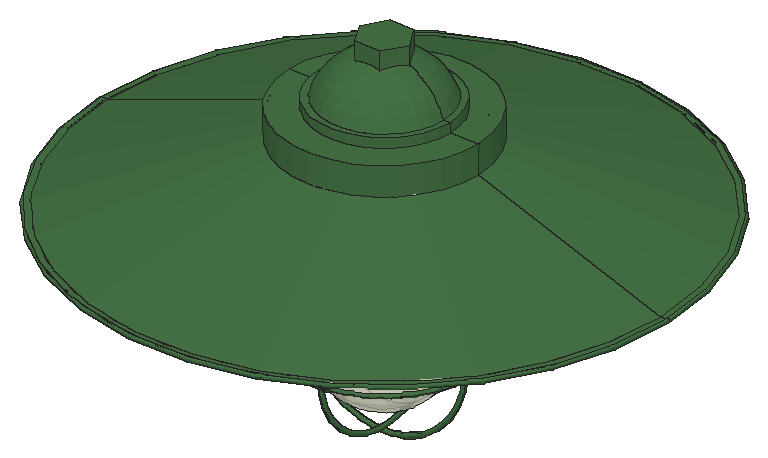
Revit family "SL18", category Lighting Fixtures, Revit 2024
Family settings
  Round Connector Dimension = Use Diameter
  Part Type = Normal
  OmniClass Number = 23.80.70.00
  OmniClass Title = Lighting
  Work Plane-Based = No
  Always vertical = Yes
  Cut with Voids When Loaded = No
  Light Source = No
  Maintain Annotation Orientation = No
  Shared = No
  Room Calculation Point = No
Parameters
  Default Elevation = 0' - 0"
Reference planes (in)
  plane 1 "Light Source Axis (F/B)": y = 0
  plane 2: z = 0
  plane 3 "Light Source Axis (L/R)": x = 0
  plane 4 "Light Source Elevation": z = 54
Forms (in)
  Extrusion 1, solid, material "40"
    sketch origin (6.84003, -9.35, 55.6225) x (0, 1, 0) y (-1, 0, 0)
      loop
        line (9.36163, 6.05272) -> (10.04346, 6.44638) -> (10.04346, 7.23369) -> (9.36163, 7.62734) -> (8.6798, 7.23369) -> (8.6798, 6.44638) -> (9.36163, 6.05272)
    from 8.87938 to 9.6275
  Revolve 2, solid, material "40"
    sketch origin (-63.02394, 0, 12.52912) x (1, 0, 0) y (0, 0, 1)
      loop
        arc (62.68529, 52.31542) -> (61.73365, 51.86953) -> (61.14178, 51.00113) r 1.99024
        line (61.14178, 51.00113) -> (60.93265, 51.00113) -> (60.93265, 50.59588) -> (60.40852, 50.59588) -> (60.40852, 50.47088) -> (60.54352, 50.47088) -> (60.54352, 50.03338) -> (60.63727, 50.03338) -> (60.63727, 50.50213) -> (61.0264, 50.50213) -> (61.0264, 50.90738) -> (61.20992, 50.90738)
        arc (61.20992, 50.90738) -> (61.7693, 51.77637) -> (62.70124, 52.22304) r 1.89649
        line (62.70124, 52.22304) -> (62.68529, 52.31542)
      loop
        circle (60.34104, 49.28051) r 0.0675
      loop
        circle (60.34105, 47.52051) r 0.0675
      loop
        circle (60.34105, 45.76051) r 0.0675
      loop
        circle (60.34106, 44.00051) r 0.0675
      axis (63.02394, 52.31542) -> (63.02394, 44.00051)
    angle from 0 to 360
  Extrusion 3, void
    sketch origin (-63.02394, 0, 12.52912) x (1, 0, 0) y (0, 0, 1)
      loop
        line (61.44529, 49.53791) -> (61.4453, 43.79009) -> (61.75773, 43.78784) -> (61.75772, 49.53566) -> (61.44529, 49.53791)
    from 0 to 12
  Sweep 4, solid, material "40"
    path origin (-63.02394, 0, 12.52912) x (1, 0, 0) y (0, 0, 1)
      loop
        line (65.63936, 50.40838) -> (65.63936, 44.0769)
        arc (65.63936, 44.0769) -> (63.01926, 41.47088) -> (60.40852, 44.0863) r 2.61542
        line (60.40852, 44.0863) -> (60.40852, 50.40838)
    profile origin (-2.61542, 0, 59.77646) x (-1, 0, 0) y (0, -1, 0)
      loop
        circle (-0.0675, 0) r 0.0675
  Sweep 5, solid, material "40"
    path origin (0, 63.02394, 12.6646) x (0, -1, 0) y (0, 0, 1)
      loop
        line (65.63936, 50.26174) -> (65.63936, 44.0769)
        arc (65.63936, 44.0769) -> (63.01926, 41.47088) -> (60.40852, 44.0863) r 2.61542
        line (60.40852, 44.0863) -> (60.40852, 50.25435)
    profile origin (0, 2.61542, 59.83493) x (0, 1, 0) y (-1, 0, 0)
      loop
        circle (-0.0675, 0) r 0.0675
  Revolve 6, solid, material "VAPOR GLASS"
    sketch origin (-63.02394, 0, 12.52912) x (1, 0, 0) y (0, 0, 1)
      loop
        line (65.02394, 50.39621) -> (64.93019, 50.39621) -> (64.93019, 44.30838)
        arc (64.93019, 44.30838) -> (64.37186, 42.96045) -> (63.02394, 42.40213) r 1.90625
        line (63.02394, 42.40213) -> (63.02394, 42.30838)
        arc (63.02394, 42.30838) -> (64.43816, 42.89416) -> (65.02394, 44.30838) r 2
        line (65.02394, 44.30838) -> (65.02394, 50.39621)
      axis (63.02394, 50.39621) -> (63.02394, 42.30838)
    angle from 0 to 360
  Revolve 7, solid, material "40"
    sketch origin (0, 0, 0) x (1, 0, 0) y (0, 0, 1)
      loop
        line (0, 63.25) -> (0, 63.15625) -> (2.90663, 63.15625) -> (2.90663, 62.30832) -> (8.74175, 60.28125) -> (8.88336, 60.28125)
        arc (8.88336, 60.28125) -> (8.99161, 60.28125) -> (8.93748, 60.375) r 0.0625
        line (8.93748, 60.375) -> (8.75757, 60.375) -> (3.00038, 62.375) -> (3.00038, 63.25) -> (0, 63.25)
      axis (0, 63.25) -> (0, 60.28125)
    angle from 0 to 360
Cuts and joins
  Extrusion 3 cuts Revolve 2
Dimensions and locks (in)
  aligned and locked: level to plane 2
